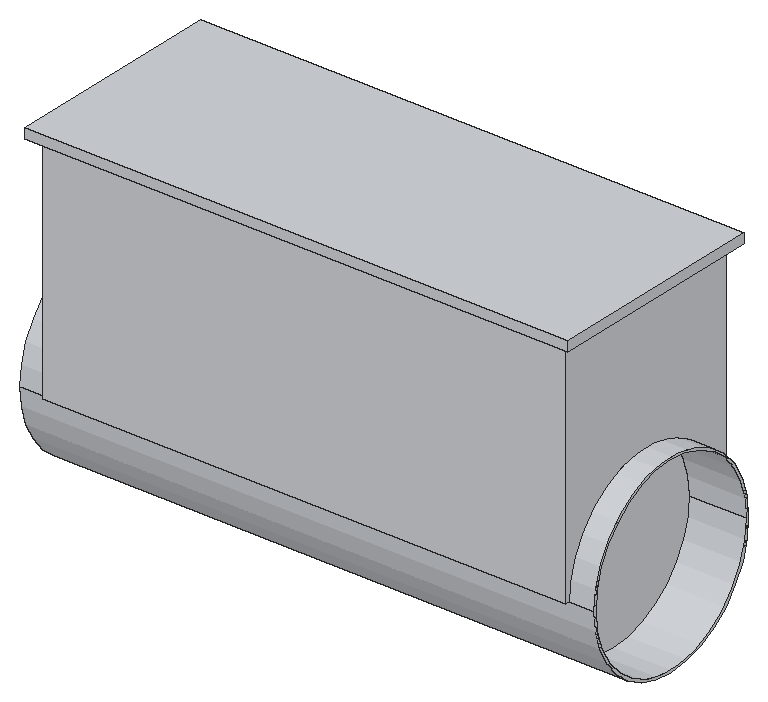
Revit family "3.Электрический нагреватель для круглых каналов ELK", category Оборудование, Revit 2016
Family settings
  Тип детали = Нормальный
  Размер круглого соединителя = Использовать диаметр
  На основе рабочей плоскости = Нет
  Всегда вертикально = Да
  При загрузке вырезать с полостями = Нет
  Общий = Нет
  Точка расчета площади = Нет
Parameters (values of type "100/0,5")
  отступ = 30 mm
  ножки(да/нет) [instance] = no
  буква справа [instance] = yes
  буква слева [instance] = yes
  Частотный преобразователь [instance] = no
  Тип, марка, обозначение = "ELK 100/0.5"
  Силовой кабель = "ВВГ 3х1,5/1"
  Сила тока J, А = "2.27"
  Регулятор расхода [instance] = no
  Раздел = "ОВ"
  Примечание = ""
  Позиция = ""
  Напряжение U,В = "1-220"
  Наименование и тех.хар-ка = "Электрический нагреватель для круглых каналов"  # constant formula
  Мощность, кВт = 0.5 W
  Материал = Сталь серая
  Масса единицы = "1,4 кг"
  Заправочный объем, л = 0.40 m³
  Д1 = B * 0.98  # 98 mm
  Д = 104 mm
  Г = 74 mm
  Б = 297 mm
  А = 271 mm
  Код, оборудования = ""
  Ключевая пометка = "Вентиляция"
  Задание электрикам [instance] = no
  Задание автоматчикам [instance] = no
  Завод изготовитель = "KORF"  # constant formula
  Единица измерения = "шт."  # constant formula
  R = Д / 2  # 52 mm
  B = 100 mm
Types (25, lengths in mm): name | Тип, марка, обозначение | Силовой кабель | Сила тока J, А | Напряжение U,В | Мощность, кВт | Масса единицы | Д1 | Д | Г | Б | А | R | B
  100/0,5 | "ELK 100/0.5" | "ВВГ 3х1,5/1" | "2.27" | "1-220" | 0.5 W | "1,4 кг" | 98 | 104 | 74 | 297 | 271 | 52 | 100
  100/1.5 | "ELK 100/1.5" | "ВВГ 3х1,5/1" | "6.8" | "1-220" | 1.5 W | "1,8 кг" | 98 | 104 | 74 | 360 | 271 | 52 | 100
  100/2 | "ELK 100/2" | "ВВГ 3х2,5/1" | "9.1" | "1-220" | 2 W | "2.2 кг" | 98 | 104 | 74 | 410 | 346 | 52 | 100
  100/2.5 | "ELK 100/2.5" | "ВВГ 3х2,5/1" | "11.3" | "1-220" | 2.5 W | "2.4 кг" | 98 | 104 | 74 | 455 | 346 | 52 | 100
  125/1.5 | "ELK 125/1.5" | "ВВГ 3х1,5/1" | "6.8" | "1-220" | 1.5 W | "1.9 кг" | 122.5 | 129 | 82 | 330 | 271 | 64.5 | 125
  125/2 | "ELK 125/2" | "ВВГ 3х2,5/1" | "9.1" | "1-220" | 2 W | "2 кг" | 122.5 | 129 | 82 | 330 | 271 | 64.5 | 125
  125/2.5 | "ELK 125/2.5" | "ВВГ 3х2,5/1" | "11.3" | "1-220" | 2.5 W | "2.3 кг" | 122.5 | 129 | 82 | 347 | 271 | 64.5 | 125
  125/3 | "ELK 125/3" | "ВВГ 3х2,5/1" | "13.6" | "1-220" | 3 W | "2.4 кг" | 122.5 | 129 | 82 | 347 | 271 | 64.5 | 125
  160/2 | "ELK 160/2" | "ВВГ 3х2,5/1" | "9.1" | "1-220" | 2 W | "2.6 кг" | 156.8 | 164 | 83 | 370 | 271 | 82 | 160
  160/3 | "ELK 160/3" | "ВВГ 3х2,5/1" | "13.6" | "1-220" | 3 W | "2.8 кг" | 156.8 | 164 | 83 | 370 | 271 | 82 | 160
  160/4.5 | "ELK 160/4.5" | "ВВГ 4х2,5/1" | "6.8" | "3-380" | 4.5 W | "3.2 кг" | 156.8 | 164 | 83 | 370 | 271 | 82 | 160
  160/6 | "ELK 160/6" | "ВВГ 4х2,5/1" | "9.1" | "3-380" | 6 W | "4.2 кг" | 156.8 | 164 | 83 | 490 | 391 | 82 | 160
  200/3 | "ELK 200/3" | "ВВГ 3х2,5/1" | "13.6" | "1-220" | 3 W | "3.2 кг" | 196 | 204 | 86 | 370 | 271 | 102 | 200
  200/6 | "ELK 200/6" | "ВВГ 4х2,5/1" | "9.1" | "3-380" | 6 W | "4 кг" | 196 | 204 | 86 | 370 | 271 | 102 | 200
  200/9 | "ELK 200/9" | "ВВГ 4х2,5/1" | "13.6" | "3-380" | 9 W | "5.2 кг" | 196 | 204 | 86 | 490 | 391 | 102 | 200
  200/12 | "ELK 200/12" | "ВВГ 4х2,5/2" | "18.1" | "3-380" | 12 W | "6.2 кг" | 196 | 204 | 86 | 490 | 391 | 102 | 200
  250/6 | "ELK 250/6" | "ВВГ 4х2,5/1" | "9.1" | "3-380" | 6 W | "5.6 кг" | 245 | 254 | 99 | 370 | 271 | 127 | 250
  250/9 | "ELK 250/6" | "ВВГ 4х2,5/1" | "13.6" | "3-380" | 9 W | "6 кг" | 245 | 254 | 99 | 370 | 271 | 127 | 250
  250/12 | "ELK 250/12" | "ВВГ 4х2,5/2" | "19.1" | "3-380" | 12 W | "8.6 кг" | 245 | 254 | 99 | 490 | 391 | 127 | 250
  250/15 | "ELK 250/15" | "ВВГ 4х2,5/2" | "22.7" | "3-380" | 15 W | "8.65 кг" | 245 | 254 | 99 | 490 | 391 | 127 | 250
  315/6 | "ELK 315/6" | "ВВГ 4х2,5/1" | "9.1" | "3-380" | 6 W | "6.6 кг" | 308.7 | 319 | 98 | 370 | 271 | 159.5 | 315
  315/9 | "ELK 315/9" | "ВВГ 4х2,5/1" | "13.6" | "3-380" | 9 W | "6.8 кг" | 308.7 | 319 | 98 | 370 | 271 | 159.5 | 315
  315/12 | "ELK 315/12" | "ВВГ 4х2,5/2" | "18.1" | "3-380" | 12 W | "9.6 кг" | 308.7 | 319 | 98 | 490 | 391 | 159.5 | 315
  315/15 | "ELK 315/15" | "ВВГ 4х2,5/2" | "22.7" | "3-380" | 15 W | "9.65 кг" | 308.7 | 319 | 98 | 490 | 391 | 159.5 | 315
  315/18 | "ELK 315/18" | "ВВГ 4х2,5/2" | "27.2" | "3-380" | 18 W | "10.4 кг" | 308.7 | 319 | 98 | 490 | 391 | 159.5 | 315
Reference planes
  plane 1 "По центру (Вперед/Назад)": y = 0
  plane 2: z = 0
  plane 3 "По центру (Влево/Вправо)": x = 0
  plane 4: z = 126
  plane 5: z = 52
  plane 6: z = 101
  plane 7: y = 52
  plane 8: y = -52
  plane 9: x = -135.5
  plane 10: x = -148.5
  plane 11: x = 135.5
  plane 12: x = 148.5
  plane 13: x = -145.398
  plane 14: x = -118.5
  plane 15: x = 118.5
  plane 16: y = 52
  plane 17: y = -52
Forms (mm)
  Extrusion 1, void, not visible
    sketch origin (-345, -245, 50) x (0, -1, 0) y (0, 0, -1)
      loop
        line (-477.965, -475) -> (-477.965, -450) -> (-528.913, -450) -> (-528.913, -475) -> (-477.965, -475)
    from -47.452 to 12
  Extrusion 2, solid, not visible
    sketch origin (5, 0, 2.041) x (0, 1, 0) y (0, 0, 1)
      loop
        line (45, 112.959) -> (-45, 112.959) -> (-45, 82.959) -> (45, 82.959) -> (45, 112.959)
    from 0 to -69.911
  Extrusion 3, solid, not visible
    sketch origin (5, -2.888, -8.59) x (0, 0.352122, 0.935954) y (0, -0.935954, 0.352122)
      loop
        line (45, 114.532) -> (-19.8, 114.532) -> (-19.8, 90.2) -> (45, 90.2) -> (45, 114.532)
    from 0 to -69.911
  Sweep 4, solid, not visible
    path origin (5, 0, -1.25) x (0, 1, 0) y (0, 0, 1)
      loop
        line (-45, 97.266) -> (-60.734, 97.266)
        arc (-60.734, 97.266) -> (-72.348, 93.548) -> (-79.645, 83.777) r 20
        line (-79.645, 83.777) -> (-105.929, 7.442)
    profile origin (5, -52.867, 96.016) x (0, 0, -1) y (1, 0, 0)
      loop
        circle (0, -63.75) r 3
  Extrusion 5, solid, not visible
    sketch origin (0, 0, 47.041) x (0, 1, 0) y (0, 0, 1)
      loop
        line (45, 112.959) -> (-45, 112.959) -> (-45, 82.959) -> (45, 82.959) -> (45, 112.959)
    from 0 to -93.323
  Extrusion 6, solid, not visible
    sketch origin (0, -40.257, 23.842) x (0, 0.679881, 0.733322) y (0, -0.733322, 0.679881)
      loop
        line (45, 114.532) -> (-19.8, 114.532) -> (-19.8, 90.2) -> (45, 90.2) -> (45, 114.532)
    from 0 to -93.323
  Sweep 7, solid, not visible
    path origin (0, 0, 43.75) x (0, 1, 0) y (0, 0, 1)
      loop
        line (-45, 97.266) -> (-54.952, 97.266)
        arc (-54.952, 97.266) -> (-71.221, 93.808) -> (-84.677, 84.031) r 40
        line (-84.677, 84.031) -> (-132.472, 30.95)
    profile origin (0, -49.976, 141.016) x (0, 0, -1) y (1, 0, 0)
      loop
        circle (0, -63.75) r 3
  Extrusion 8, solid, detail levels fine
    sketch origin (0, 0, 0) x (0, -1, 0) y (0, 0, 1)
      loop
        circle (0, 0) r 50
    from -148.5 to 148.5
  Extrusion 9, solid, detail levels fine
    sketch origin (0, 0, 0) x (0, -1, 0) y (0, 0, 1)
      loop
        line (-52, 126) -> (-52, 0) -> (52, 0) -> (52, 126) -> (-52, 126)
    from -135.5 to 135.5
  Extrusion 10, void
    sketch origin (0, 0, 0) x (0, -1, 0) y (0, 0, 1)
      loop
        circle (0, 0) r 49
    from 118.5 to 148.5
  Extrusion 11, void
    sketch origin (0, 0, 0) x (0, -1, 0) y (0, 0, -1)
      loop
        circle (0, 0) r 49
    from 118.5 to 148.5
  Sweep 12, solid, detail levels fine
    path in 3D
      loop
        line (135.5, -52, 126) -> (135.5, 52, 126) -> (-135.5, 52, 126) -> (-135.5, -52, 126) -> (135.5, -52, 126)
    profile origin (0, -52, 126) x (0, 1, 0) y (0, 0, 1)
      loop
        line (0, 0) -> (-5, 0) -> (-5, -5) -> (0, -5) -> (0, 0)
  Blend 13, solid, detail levels fine
    base sketch origin (0, -11.983, -0.228) x (0, -1, 0) y (0, 0, 1)
      loop
        circle (-25.01, 101) r 5
    top sketch origin (0, -11.983, -0.228) x (0, -1, 0) y (0, 0, 1)
      loop
        circle (-25.01, 101) r 3
    from 135.5 to 145.398
  Blend 14, solid, detail levels fine
    base sketch origin (0, 0, 0) x (0, -1, 0) y (0, 0, 1)
      loop
        circle (0, 101) r 5
    top sketch origin (0, 0, 0) x (0, -1, 0) y (0, 0, 1)
      loop
        circle (0, 101) r 3
    from 135.5 to 145.398
  Blend 15, solid, detail levels fine
    base sketch origin (0, 12.5, 0) x (0, -1, 0) y (0, 0, 1)
      loop
        circle (25.01, 101) r 5
    top sketch origin (0, 12.5, 0) x (0, -1, 0) y (0, 0, 1)
      loop
        circle (25.01, 101) r 3
    from 135.5 to 145.398
Cuts and joins
  Extrusion 10, Extrusion 11 cuts Extrusion 8
  Extrusion 10, Extrusion 11 cuts Extrusion 9
  joined: Extrusion 8, Extrusion 9, Sweep 12
Lines and regions (mm)
  sketch lines
    curve 1: line (-135.5, -52, 126) -> (135.5, -52, 126)
    curve 2: line (135.5, 52, 126) -> (135.5, -52, 126)
    curve 3: line (-135.5, 52, 126) -> (135.5, 52, 126)
    curve 4: line (-135.5, -52, 126) -> (-135.5, 52, 126)
  model lines, detail levels coarse
    curve 5: line (-148.5, 52, 0) -> (148.5, 52, 0)
    curve 6: line (-148.5, -52, 0) -> (-148.5, 52, 0)
    curve 7: line (148.5, -52, 0) -> (-148.5, -52, 0)
    curve 8: line (148.5, 52, 0) -> (148.5, -52, 0)
    curve 9: circle (0, 0, 0) r 30 normal (0, 0, 1)
    curve 10: line (0, 30, 0) -> (0, -30, 0)
    curve 11: line (-30, 0, 0) -> (30, 0, 0)
  model lines, not visible, detail levels coarse
    curve 12: circle (0, 0, 0) r 30 normal (0, 0, 1)
    curve 13: line (0, 30, 0) -> (0, -30, 0)
    curve 14: line (-30, 0, 0) -> (30, 0, 0)
  model lines, detail levels medium
    curve 15: line (-148.5, 0, 126) -> (148.5, 0, 126)
    curve 16: line (-148.5, 0, -50) -> (-148.5, 0, 126)
    curve 17: line (148.5, 0, -50) -> (-148.5, 0, -50)
    curve 18: line (148.5, 0, 126) -> (148.5, 0, -50)
    curve 19: circle (0, 0, 52) r 50 normal (0, -1, 0)
    curve 20: line (0, 0, 102) -> (0, 0, 2)
    curve 21: line (-50, 0, 52) -> (50, 0, 52)
  model lines, not visible, detail levels medium
    curve 22: circle (0, 0, 52) r 50 normal (0, -1, 0)
    curve 23: line (0, 0, 102) -> (0, 0, 2)
    curve 24: line (-50, 0, 52) -> (50, 0, 52)
Dimensions and locks
  locked: Extrusion 3 sketch curve to Extrusion 3 sketch curve at 24.332
  locked: Extrusion 3 sketch curve to Extrusion 3 sketch curve at 64.8
  locked: Extrusion 2 sketch curve to Extrusion 2 sketch curve at 30
  locked: Extrusion 6 sketch curve to Extrusion 6 sketch curve at 24.332
  locked: Extrusion 6 sketch curve to Extrusion 6 sketch curve at 64.8
  locked: Extrusion 5 sketch curve to Extrusion 5 sketch curve at 30
  "R": plane 5 to level
  locked: plane 4 to plane 6 at 25
  "Г": plane 4 to plane 5
  equal spacing: plane 7, plane 1 "По центру (Вперед/Назад)", plane 8
  "Д": plane 7 to plane 8
  equal spacing: plane 9, plane 3 "По центру (Влево/Вправо)", plane 11
  "А": plane 9 to plane 11
  equal spacing: plane 10, plane 3 "По центру (Влево/Вправо)", plane 12
  "Б": plane 10 to plane 12
  locked: plane 13 to plane 9 at 9.898
  "отступ": plane 10 to plane 14
  "отступ": plane 15 to plane 12
  equal spacing: plane 17, plane 1 "По центру (Вперед/Назад)", plane 16
  "Д": plane 17 to plane 16
  "B": diameter of Extrusion 8 sketch curve
  "Д1": diameter of Extrusion 10 sketch curve
  "Д1": diameter of Extrusion 11 sketch curve
  aligned and locked: level to plane 2
  aligned and locked: Extrusion 9 to plane 4
  aligned and locked: Extrusion 10 to Extrusion 8
  aligned and locked: Extrusion 9 to level
  aligned and locked: cut or joined group of Extrusion 8, Extrusion 9, Extrusion 10, Extrusion 11, Sweep 12 to plane 7
  aligned and locked: plane 8 to cut or joined group of Extrusion 8, Extrusion 9, Extrusion 10, Extrusion 11, Sweep 12
  aligned and locked: cut or joined group of Extrusion 8, Extrusion 9, Extrusion 10, Extrusion 11, Sweep 12 to plane 10
  aligned and locked: plane 12 to cut or joined group of Extrusion 8, Extrusion 9, Extrusion 10, Extrusion 11, Sweep 12
  aligned and locked: Extrusion 8 to Extrusion 11
  aligned and locked: plane 11 to Extrusion 9
  aligned and locked: Extrusion 9 to plane 9
  aligned and locked: Blend 13 to plane 13
  aligned and locked: Blend 14 to plane 13
  aligned and locked: Blend 15 to plane 13
  aligned and locked: plane 9 to Blend 13
  aligned and locked: plane 9 to Blend 15
  aligned and locked: plane 9 to Blend 14
  aligned and locked: plane 14 to cut or joined group of Extrusion 8, Extrusion 9, Extrusion 10, Extrusion 11, Sweep 12
  aligned and locked: cut or joined group of Extrusion 8, Extrusion 9, Extrusion 10, Extrusion 11, Sweep 12 to plane 15
  aligned and locked: plane 12 to Extrusion 11
  aligned and locked: Extrusion 10 to plane 10
  aligned and locked: plane 7 to curve 5
  aligned and locked: plane 10 to curve 6
  aligned and locked: curve 7 to plane 8
  aligned and locked: curve 8 to plane 12
  aligned and locked: text3d elem to plane 15  (x2)
  aligned and locked: plane 4 to curve 15
  aligned and locked: plane 10 to curve 16
  aligned and locked: curve 18 to cut or joined group of Extrusion 8, Extrusion 9, Extrusion 10, Extrusion 11, Sweep 12
  aligned and locked: plane 14 to text3d elem
Automatic sketch dimensions
  Extrusion 5 sketch curve to Extrusion 5 sketch curve = 90 mm
  Sweep 7 sketch curve to Sweep 7 sketch curve = 29.726 mm
  Sweep 7 sketch curve to Sweep 7 sketch curve = 26.765 mm
  Sweep 7 sketch curve to Sweep 7 sketch curve = 47.795 mm
  Sweep 7 sketch curve to Sweep 7 sketch curve = 9.952 mm
  Sweep 7 sketch curve to Sweep 7 sketch curve = 53.081 mm
  Extrusion 2 sketch curve to Extrusion 2 sketch curve = 90 mm
  Sweep 4 sketch curve to Sweep 4 sketch curve = 18.91 mm
  Sweep 4 sketch curve to Sweep 4 sketch curve = 6.511 mm
  Sweep 4 sketch curve to Sweep 4 sketch curve = 26.284 mm
  Sweep 4 sketch curve to Sweep 4 sketch curve = 15.734 mm
  Sweep 4 sketch curve to Sweep 4 sketch curve = 76.336 mm
  Extrusion 9 sketch curve to level = 0 mm
  plane 4 to Extrusion 9 sketch curve = 0 mm
  Extrusion 9 sketch curve to plane 1 "По центру (Вперед/Назад)" = 52 mm
  plane 1 "По центру (Вперед/Назад)" to Extrusion 9 sketch curve = 52 mm
  Sweep 12 sketch curve to profile plane = 0 mm  (x2)
  profile plane to Sweep 12 sketch curve = 5 mm
  Sweep 12 sketch curve to Sweep 12 sketch curve = 5 mm
  Blend 13 sketch curve to plane 6 = 0.228 mm  (x2)
  Blend 13 sketch curve to plane 1 "По центру (Вперед/Назад)" = 13.027 mm  (x2)
  Blend 14 sketch curve to plane 1 "По центру (Вперед/Назад)" = 0 mm  (x2)
  Blend 14 sketch curve to plane 6 = 0 mm  (x2)
  Blend 15 sketch curve to plane 6 = 0 mm  (x2)
  plane 1 "По центру (Вперед/Назад)" to Blend 15 sketch curve = 12.51 mm  (x2)
  curve 18 to level = 50 mm
  Extrusion 8 sketch curve to level = 0 mm
  Extrusion 8 sketch curve to plane 1 "По центру (Вперед/Назад)" = 0 mm
  Extrusion 10 sketch curve to level = 0 mm
  Extrusion 10 sketch curve to plane 1 "По центру (Вперед/Назад)" = 0 mm
  Extrusion 11 sketch curve to level = 0 mm
  Extrusion 11 sketch curve to plane 1 "По центру (Вперед/Назад)" = 0 mm
  radius of Sweep 7 sketch curve = 3 mm
  radius of Sweep 4 sketch curve = 3 mm
  radius of Blend 13 sketch curve = 5 mm
  radius of Blend 13 sketch curve = 3 mm
  radius of Blend 14 sketch curve = 5 mm
  radius of Blend 14 sketch curve = 3 mm
  radius of Blend 15 sketch curve = 5 mm
  radius of Blend 15 sketch curve = 3 mm
Nested families
  nested 1: "крепление 15мм" at (-330, 229.965, 495), type "крепление 15мм", not visible
Connectors
  hvac at (-148.5, 0, 0), driven by "B"
    settings: on cut or joined group of Extrusion 8, Extrusion 9, Extrusion 10, Extrusion 11, Sweep 12, index 1, duct flow 0.0 L/s, flow factor 0, pres drop 0.0 Pa, loss coef 0, conn angle 0.00°, conn width 304.8 mm, conn height 304.8 mm, conn diameter 100 mm, duct sys type 28, conn prof type 0, flow config 0, flow direction 0, loss method 0, conn ref index 2, conn util no, is conn primary yes, conn desc ""
  hvac at (148.5, 0, 0), driven by "B"
    settings: on cut or joined group of Extrusion 8, Extrusion 9, Extrusion 10, Extrusion 11, Sweep 12, index 2, duct flow 0.0 L/s, flow factor 0, pres drop 0.0 Pa, loss coef 0, conn angle 0.00°, conn width 304.8 mm, conn height 304.8 mm, conn diameter 100 mm, duct sys type 28, conn prof type 0, flow config 0, flow direction 0, loss method 0, conn ref index 1, conn util no, is conn primary no, conn desc ""
Definition of nested family "крепление 15мм"
  Parameters (values of type "крепление 15мм")
    Материал крепления = none
  Reference planes
    plane 1 "По центру (Вперед/Назад)": y = 0
    plane 2: z = 0
    plane 3 "По центру (Влево/Вправо)": x = 0
  Forms (mm)
    Extrusion 1, solid, material <- "Материал крепления"
      sketch origin (0, 0, 0) x (1, 0, 0) y (0, 1, 0)
        loop
          line (-25, 0) -> (0, 0) -> (0, 18.31) -> (0, 25) -> (-3, 25) -> (-3, 3) -> (-25, 3) -> (-25, 0)
      from 0 to 30
    Extrusion 2, void
      sketch origin (0, 0, 0) x (1, 0, 0) y (0, 1, 0)
        loop
          line (-3, 3) -> (-3, 54.96) -> (-58, 54.96) -> (-58, 3) -> (-3, 3)
      from 0 to 15
  Cuts and joins
    Extrusion 2 cuts Extrusion 1
  Dimensions and locks
    Extrusion 1 sketch curve to Extrusion 1 sketch curve = 3 mm  (x2)
    Extrusion 1 sketch curve to Extrusion 1 sketch curve to plane 3 "По центру (Влево/Вправо)" = 25 mm, 0 mm
    Extrusion 1 sketch curve to Extrusion 1 sketch curve = 25 mm
    aligned and locked: level to plane 2
